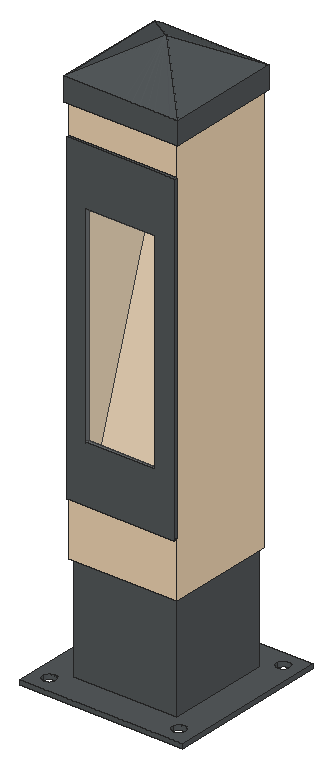
Revit family "Баум", category Осветительные приборы, Revit 2019 (continued)
Types (3, lengths in mm): name | Файл фотометрической сетки | built-in parameter 1150105 | Lumens | built-in parameter 1150106 | built-in parameter 1150142 | Wattage | h_столб низ | h_столб верх | ADSK_Фактическая мощность | ADSK_Размер_Высота | ADSK_Номинальная мощность | ADSK_Наименование | ADSK_Масса_Текст | ADSK_Масса | ADSK_Артикул
    .4 0.4 0.4 0.4 0.4 0.4 0.4 0.4 0.4 0.4 0.4 0.4 0.4 0.4 0.4 0.4\r\n 0.4 0.4 0.4 0.4 0.4 0.4 0.4 0.4 0.4 0.4 0.2 0.2 0.2 0.2 0.2 0.2 0.2 0.0 0.0 0.0 0.0\r\n0.0 0.0 0.0 0.0 0.0 0.0 0.2 0.2 0.4 0.4 0.4 0.4 0.4 0.4 0.4 0.4 0.4 0.4 0.4 0.4 0.4 0.4 0.4 0.4 0.4 0.4 0.4 0.4 0.4 0.4 0.4 0.4\r\n 0.4 0.4 0.4 0.4 0.4 0.4 0.4 0.4 0.4 0.4 0.4 0.4 0.4 0.4 0.4 0.6 0.4 0.4 0.4 0.4 0.4 0.4 0.4 0.4 0.4 0.4 0.4 0.4 0.4 0.4 0.4 0.4\r\n 0.4 0.4 0.4 0.4 0.4 0.4 0.4 0.4 0.4 0.4 0.4 0.4 0.4 0.4 0.4 0.4 0.4 0.4 0.4 0.4 0.4 0.4 0.4 0.4 0.4 0.4 0.4 0.4 0.4 0.4 0.4 0.4\r\n 0.4 0.4 0.4 0.4 0.4 0.4 0.4 0.4 0.4 0.4 0.4 0.4 0.4 0.4 0.4 0.4 0.4 0.4 0.4 0.4 0.4 0.4 0.4 0.4 0.4 0.4 0.4 0.4 0.4 0.4 0.4 0.4\r\n 0.4 0.4 0.4 0.4 0.4 0.4 0.4 0.4 0.4 0.4 0.4 0.4 0.4 0.4 0.4 0.4 0.4 0.4 0.4 0.4 0.4 0.4 0.4 0.4 0.4 0.4 0.4 0.4 0.4 0.4 0.4 0.4\r\n 0.4 0.4 0.4 0.4 0.4 0.4 0.4 0.4 0.4 0.4 0.2 0.2 0.2 0.2 0.2 0.2 0.2 0.0 0.0 0.0 0.0\r\n0.0 0.0 0.0 0.0 0.0 0.0 0.2 0.2 0.4 0.4 0.4 0.4 0.4 0.4 0.4 0.4 0.4 0.4 0.4 0.4 0.4 0.4 0.4 0.4 0.4 0.4 0.4 0.4 0.4 0.4 0.4 0.4\r\n 0.4 0.4 0.4 0.4 0.4 0.4 0.4 0.4 0.4 0.4 0.4 0.4 0.4 0.4 0.4 0.7 0.6 0.4 0.4 0.4 0.4 0.4 0.4 0.4 0.4 0.4 0.4 0.4 0.4 0.4 0.4 0.4\r\n 0.4 0.4 0.4 0.4 0.4 0.4 0.4 0.4 0.4 0.4 0.4 0.4 0.4 0.4 0.4 0.4 0.4 0.4 0.4 0.4 0.4 0.4 0.4 0.4 0.4 0.4 0.4 0.4 0.4 0.4 0.4 0.4\r\n 0.4 0.4 0.4 0.4 0.4 0.4 0.4 0.4 0.4 0.4 0.4 0.4 0.4 0.4 0.4 0.4 0.4 0.4 0.4 0.4 0.4 0.4 0.4 0.4 0.4 0.4 0.4 0.4 0.4 0.4 0.4 0.4\r\n 0.4 0.4 0.4 0.4 0.4 0.4 0.4 0.4 0.4 0.4 0.4 0.4 0.4 0.4 0.4 0.4 0.4 0.4 0.4 0.4 0.4 0.4 0.4 0.4 0.4 0.4 0.4 0.4 0.4 0.4 0.4 0.4\r\n 0.4 0.4 0.4 0.4 0.4 0.4 0.4 0.4 0.4 0.4 0.2 0.2 0.2 0.2 0.2 0.2 0.0 0.0 0.0 0.0 0.0\r\n0.0 0.0 0.0 0.0 0.0 0.0 0.0 0.2 0.4 0.4 0.4 0.4 0.4 0.4 0.4 0.4 0.4 0.4 0.4 0.4 0.4 0.4 0.4 0.4 0.4 0.4 0.4 0.4 0.4 0.4 0.4 0.6\r\n 0.4 0.4 0.4 0.4 0.4 0.4 0.4 0.4 0.4 0.4 0.4 0.4 0.4 0.4 0.4 0.4 0.4 0.4 0.4 0.4 0.4 0.4 0.4 0.4 0.4 0.4 0.4 0.4 0.4 0.4 0.4 0.4\r\n 0.4 0.4 0.4 0.4 0.4 0.4 0.4 0.4 0.4 0.4 0.4 0.4 0.4 0.4 0.4 0.4 0.4 0.4 0.4 0.4 0.4 0.4 0.4 0.4 0.4 0.4 0.4 0.4 0.4 0.4 0.4 0.4\r\n 0.4 0.4 0.4 0.4 0.4 0.4 0.4 0.4 0.4 0.4 0.4 0.4 0.4 0.4 0.4 0.4 0.4 0.4 0.4 0.4 0.4 0.4 0.4 0.4 0.4 0.4 0.4 0.4 0.4 0.4 0.4 0.4\r\n 0.4 0.4 0.4 0.4 0.4 0.4 0.4 0.4 0.4 0.4 0.4 0.4 0.4 0.4 0.4 0.4 0.4 0.4 0.4 0.4 0.4 0.4 0.4 0.4 0.4 0.4 0.4 0.4 0.4 0.4 0.4 0.4\r\n 0.4 0.4 0.4 0.4 0.4 0.4 0.4 0.4 0.4 0.4 0.2 0.2 0.2 0.2 0.2 0.2 0.0 0.0 0.0 0.0 0.0\r\n0.0 0.0 0.0 0.0 0.0 0.0 0.0 0.2 0.4 0.4 0.4 0.4 0.4 0.4 0.4 0.4 0.4 0.4 0.4 0.4 0.4 0.4 0.4 0.4 0.4 0.4 0.4 0.4 0.4 0.4 0.4 0.4\r\n 0.4 0.4 0.4 0.4 0.4 0.4 0.4 0.4 0.4 0.4 0.4 0.4 0.4 0.4 0.4 0.4 0.4 0.4 0.4 0.4 0.4 0.4 0.4 0.4 0.4 0.4 0.4 0.4 0.4 0.4 0.4 0.4\r\n 0.4 0.4 0.4 0.4 0.4 0.4 0.4 0.4 0.4 0.4 0.4 0.4 0.4 0.4 0.4 0.4 0.4 0.4 0.4 0.4 0.4 0.4 0.4 0.4 0.4 0.4 0.4 0.4 0.4 0.4 0.4 0.4\r\n 0.4 0.4 0.4 0.4 0.4 0.4 0.4 0.4 0.4 0.4 0.4 0.4 0.4 0.4 0.4 0.4 0.4 0.4 0.4 0.4 0.4 0.4 0.4 0.4 0.4 0.4 0.4 0.4 0.4 0.4 0.4 0.4\r\n 0.4 0.4 0.4 0.4 0.4 0.4 0.4 0.4 0.4 0.4 0.4 0.4 0.4 0.4 0.4 0.4 0.4 0.4 0.4 0.4 0.4 0.4 0.4 0.4 0.4 0.4 0.4 0.4 0.4 0.4 0.4 0.4\r\n 0.4 0.4 0.4 0.4 0.4 0.4 0.4 0.4 0.4 0.4 0.2 0.2 0.2 0.2 0.2 0.0 0.0 0.0 0.0 0.0 0.0\r\n0.0 0.0 0.0 0.0 0.0 0.0 0.0 0.0 0.2 0.4 0.4 0.4 0.4 0.4 0.4 0.4 0.4 0.4 0.4 0.4 0.4 0.4 0.4 0.4 0.4 0.4 0.4 0.4 0.4 0.4 0.4 0.4\r\n 0.4 0.4 0.4 0.4 0.4 0.4 0.4 0.4 0.4 0.4 0.4 0.4 0.4 0.4 0.4 0.4 0.4 0.4 0.4 0.4 0.4 0.4 0.4 0.4 0.4 0.4 0.4 0.4 0.4 0.4 0.4 0.4\r\n 0.4 0.4 0.4 0.4 0.4 0.4 0.4 0.4 0.4 0.4 0.4 0.4 0.4 0.4 0.4 0.4 0.4 0.4 0.4 0.4 0.4 0.4 0.4 0.4 0.4 0.4 0.4 0.4 0.4 0.4 0.4 0.4\r\n 0.4 0.4 0.4 0.4 0.4 0.4 0.4 0.4 0.4 0.4 0.4 0.4 0.4 0.4 0.4 0.4 0.4 0.4 0.4 0.4 0.4 0.4 0.4 0.4 0.4 0.4 0.4 0.4 0.4 0.4 0.4 0.4\r\n 0.4 0.4 0.4 0.4 0.4 0.4 0.4 0.4 0.4 0.4 0.4 0.4 0.4 0.4 0.4 0.4 0.4 0.4 0.4 0.4 0.4 0.4 0.4 0.4 0.4 0.4 0.4 0.4 0.4 0.4 0.4 0.4\r\n 0.4 0.4 0.4 0.4 0.4 0.4 0.4 0.4 0.4 0.4 0.2 0.2 0.2 0.2 0.0 0.0 0.0 0.0 0.0 0.0 0.0\r\n0.0 0.0 0.0 0.0 0.0 0.0 0.0 0.0 0.2 0.2 0.2 0.4 0.4 0.4 0.4 0.4 0.4 0.4 0.4 0.4 0.4 0.4 0.4 0.4 0.4 0.4 0.4 0.4 0.4 0.4 0.4 0.4\r\n 0.4 0.4 0.4 0.4 0.4 0.4 0.4 0.4 0.4 0.4 0.4 0.4 0.4 0.4 0.4 0.4 0.4 0.4 0.4 0.4 0.4 0.4 0.4 0.4 0.4 0.4 0.4 0.4 0.4 0.4 0.4 0.4\r\n 0.4 0.4 0.4 0.4 0.4 0.4 0.4 0.4 0.4 0.4 0.4 0.4 0.4 0.4 0.4 0.4 0.4 0.4 0.4 0.4 0.4 0.4 0.4 0.4 0.4 0.4 0.4 0.4 0.4 0.4 0.4 0.4\r\n 0.4 0.4 0.4 0.4 0.4 0.4 0.4 0.4 0.4 0.4 0.4 0.4 0.4 0.4 0.4 0.4 0.4 0.4 0.4 0.4 0.4 0.4 0.4 0.4 0.4 0.4 0.4 0.4 0.4 0.4 0.4 0.4\r\n 0.4 0.4 0.4 0.4 0.4 0.4 0.4 0.4 0.4 0.4 0.4 0.4 0.4 0.4 0.4 0.4 0.4 0.4 0.4 0.4 0.4 0.4 0.4 0.4 0.4 0.4 0.4 0.4 0.4 0.4 0.4 0.4\r\n 0.4 0.4 0.4 0.4 0.4 0.4 0.4 0.4 0.4 0.4 0.2 0.2 0.2 0.0 0.0 0.0 0.0 0.0 0.0 0.0 0.0\r\n0.0 0.0 0.0 0.0 0.0 0.0 0.0 0.0 0.2 0.2 0.2 0.2 0.4 0.4 0.4 0.4 0.4 0.4 0.4 0.4 0.4 0.4 0.4 0.4 0.4 0.4 0.4 0.4 0.4 0.4 0.4 0.4\r\n 0.4 0.4 0.4 0.4 0.4 0.4 0.4 0.4 0.4 0.4 0.4 0.4 0.4 0.4 0.4 0.4 0.4 0.4 0.4 0.4 0.4 0.4 0.4 0.4 0.4 0.4 0.4 0.4 0.4 0.4 0.4 0.4\r\n 0.4 0.4 0.4 0.4 0.4 0.4 0.4 0.4 0.4 0.4 0.4 0.4 0.4 0.4 0.4 0.4 0.4 0.4 0.4 0.4 0.4 0.4 0.4 0.4 0.4 0.4 0.4 0.4 0.4 0.4 0.4 0.4\r\n 0.4 0.4 0.4 0.4 0.4 0.4 0.4 0.4 0.4 0.4 0.4 0.4 0.4 0.4 0.4 0.4 0.4 0.4 0.4 0.4 0.4 0.4 0.4 0.4 0.4 0.4 0.4 0.4 0.4 0.4 0.4 0.4\r\n 0.4 0.4 0.4 0.4 0.4 0.4 0.4 0.4 0.4 0.4 0.4 0.4 0.4 0.4 0.4 0.4 0.4 0.4 0.4 0.4 0.4 0.4 0.4 0.4 0.4 0.4 0.4 0.4 0.4 0.4 0.4 0.4\r\n 0.4 0.4 0.4 0.4 0.4 0.4 0.4 0.4 0.4 0.4 0.2 0.2 0.2 0.0 0.0 0.0 0.0 0.0 0.0 0.0 0.0\r\n0.0 0.0 0.0 0.0 0.0 0.0 0.0 0.0 0.2 0.2 0.2 0.2 0.2 0.4 0.4 0.4 0.4 0.4 0.4 0.4 0.4 0.4 0.4 0.4 0.4 0.4 0.4 0.4 0.4 0.4 0.4 0.4\r\n 0.4 0.4 0.4 0.4 0.4 0.4 0.4 0.4 0.4 0.4 0.4 0.4 0.4 0.4 0.4 0.4 0.4 0.4 0.4 0.4 0.4 0.4 0.4 0.4 0.4 0.4 0.4 0.4 0.4 0.4 0.4 0.4\r\n 0.4 0.4 0.4 0.4 0.4 0.4 0.4 0.4 0.4 0.4 0.4 0.4 0.4 0.4 0.4 0.4 0.4 0.4 0.4 0.4 0.4 0.4 0.4 0.4 0.4 0.4 0.4 0.4 0.4 0.4 0.4 0.4\r\n 0.4 0.4 0.4 0.4 0.4 0.4 0.4 0.4 0.4 0.4 0.4 0.4 0.4 0.4 0.4 0.4 0.4 0.4 0.4 0.4 0.4 0.4 0.4 0.4 0.4 0.4 0.4 0.4 0.6 0.9 0.4 0.4\r\n 0.4 0.4 0.4 0.4 0.4 0.4 0.4 0.4 0.4 0.4 0.4 0.4 0.4 0.4 0.4 0.4 0.4 0.4 0.4 0.4 0.4 0.4 0.4 0.4 0.4 0.4 0.4 0.4 0.4 0.4 0.4 0.4\r\n 0.4 0.4 0.4 0.4 0.4 0.4 0.4 0.4 0.4 0.4 0.2 0.2 0.2 0.0 0.0 0.0 0.0 0.0 0.0 0.0 0.0\r\n0.0 0.0 0.0 0.0 0.0 0.0 0.0 0.0 0.2 0.2 0.2 0.2 0.2 0.2 0.4 0.4 0.2 0.4 0.4 0.2 0.2 0.2 0.4 0.4 0.4 0.4 0.4 0.4 0.4 0.4 0.4 0.4\r\n 0.4 0.4 0.4 0.4 0.4 0.4 0.4 0.4 0.4 0.4 0.4 0.4 0.4 0.4 0.4 0.4 0.4 0.4 0.4 0.4 0.4 0.4 0.4 0.4 0.4 0.4 0.4 0.4 0.4 0.4 0.4 0.4\r\n 0.4 0.4 0.4 0.4 0.4 0.4 0.4 0.4 0.4 0.4 0.4 0.4 0.4 0.4 0.4 0.4 0.4 0.4 0.4 0.4 0.4 0.4 0.4 0.4 0.4 0.4 0.4 0.4 0.4 0.4 0.4 0.4\r\n 0.4 0.4 0.4 0.4 0.4 0.4 0.4 0.4 0.4 0.4 0.4 0.4 0.4 0.4 0.4 0.4 0.4 0.4 0.4 0.4 0.4 0.4 0.4 0.4 0.4 0.4 0.4 0.4 0.6 0.4 0.4 0.4\r\n 0.4 0.4 0.4 0.4 0.4 0.4 0.4 0.4 0.4 0.4 0.4 0.4 0.4 0.4 0.4 0.4 0.4 0.4 0.4 0.4 0.4 0.4 0.4 0.4 0.4 0.4 0.4 0.4 0.4 0.4 0.4 0.4\r\n 0.4 0.4 0.4 0.4 0.4 0.4 0.4 0.4 0.4 0.2 0.2 0.2 0.0 0.0 0.0 0.0 0.0 0.0 0.0 0.0 0.0\r\n0.0 0.0 0.0 0.0 0.0 0.0 0.0 0.0 0.2 0.2 0.2 0.2 0.2 0.2 0.2 0.2 0.2 0.2 0.2 0.4 0.2 0.2 0.4 0.2 0.4 0.4 0.4 0.4 0.4 0.4 0.4 0.4\r\n 0.4 0.4 0.4 0.4 0.4 0.4 0.4 0.4 0.4 0.4 0.4 0.4 0.4 0.4 0.4 0.4 0.4 0.4 0.4 0.4 0.4 0.4 0.4 0.4 0.4 0.4 0.4 0.4 0.4 0.4 0.4 0.4\r\n 0.4 0.4 0.4 0.4 0.4 0.4 0.4 0.4 0.4 0.4 0.4 0.4 0.4 0.4 0.4 0.4 0.4 0.4 0.4 0.4 0.4 0.4 0.4 0.4 0.4 0.4 0.4 0.4 0.4 0.4 0.4 0.4\r\n 0.4 0.4 0.4 0.4 0.4 0.4 0.4 0.4 0.4 0.4 0.4 0.4 0.4 0.4 0.4 0.4 0.4 0.4 0.4 0.4 0.4 0.4 0.4 0.4 0.4 0.4 0.4 0.4 0.4 0.4 0.4 0.4\r\n 0.4 0.4 0.4 0.4 0.4 0.4 0.4 0.4 0.4 0.4 0.4 0.4 0.4 0.4 0.4 0.4 0.4 0.4 0.4 0.4 0.4 0.4 0.4 0.4 0.4 0.4 0.4 0.4 0.4 0.4 0.4 0.4\r\n 0.4 0.4 0.4 0.4 0.4 0.4 0.2 0.2 0.2 0.2 0.2 0.2 0.0 0.0 0.0 0.0 0.0 0.0 0.0 0.0 0.0\r\n0.0 0.0 0.0 0.0 0.0 0.0 0.0 0.0 0.2 0.2 0.2 0.2 0.2 0.2 0.2 0.2 0.2 0.2 0.2 0.2 0.2 0.2 0.4 0.4 0.2 0.4 0.4 0.4 0.4 0.4 0.4 0.4\r\n 0.4 0.4 0.4 0.4 0.4 0.4 0.4 0.4 0.4 0.4 0.4 0.4 0.4 0.4 0.4 0.4 0.4 0.4 0.4 0.4 0.4 0.4 0.4 0.4 0.4 0.4 0.4 0.4 0.4 0.4 0.4 0.4\r\n 0.4 0.4 0.4 0.4 0.4 0.4 0.4 0.4 0.4 0.4 0.4 0.4 0.4 0.4 0.4 0.4 0.4 0.4 0.4 0.4 0.4 0.4 0.4 0.4 0.4 0.4 0.4 0.4 0.4 0.4 0.4 0.4\r\n 0.4 0.4 0.4 0.4 0.4 0.4 0.4 0.4 0.4 0.4 0.4 0.4 0.4 0.4 0.4 0.4 0.4 0.4 0.4 0.4 0.4 0.4 0.4 0.4 0.4 0.4 0.4 0.4 0.4 0.4 0.4 0.4\r\n 0.4 0.4 0.4 0.4 0.4 0.4 0.4 0.4 0.4 0.4 0.4 0.4 0.4 0.4 0.4 0.4 0.4 0.4 0.4 0.4 0.4 0.4 0.4 0.4 0.4 0.4 0.4 0.4 0.4 0.4 0.4 0.4\r\n 0.4 0.4 0.4 0.2 0.2 0.2 0.2 0.2 0.2 0.2 0.2 0.2 0.0 0.0 0.0 0.0 0.0 0.0 0.0 0.0 0.0\r\n0.0 0.0 0.0 0.0 0.0 0.0 0.0 0.0 0.2 0.2 0.2 0.2 0.2 0.2 0.2 0.2 0.2 0.2 0.2 0.2 0.2 0.2 0.2 0.2 0.2 0.4 0.4 0.4 0.4 0.4 0.4 0.4\r\n 0.2 0.4 0.4 0.4 0.4 0.2 0.4 0.2 0.4 0.4 0.4 0.4 0.4 0.4 0.4 0.4 0.4 0.4 0.4 0.4 0.4 0.4 0.4 0.4 0.4 0.4 0.4 0.4 0.4 0.4 0.4 0.4\r\n 0.4 0.4 0.4 0.4 0.4 0.4 0.4 0.4 0.4 0.4 0.4 0.4 0.4 0.4 0.4 0.4 0.4 0.4 0.4 0.4 0.4 0.4 0.4 0.4 0.4 0.4 0.4 0.4 0.4 0.4 0.4 0.4\r\n 0.4 0.4 0.4 0.4 0.4 0.4 0.4 0.4 0.4 0.4 0.4 0.4 0.4 0.4 0.4 0.4 0.4 0.4 0.4 0.4 0.4 0.4 0.4 0.4 0.4 0.4 0.4 0.4 0.4 0.4 0.4 0.4\r\n 0.4 0.4 0.4 0.4 0.4 0.4 0.4 0.2 0.4 0.4 0.4 0.2 0.4 0.4 0.4 0.4 0.4 0.4 0.4 0.4 0.4 0.4 0.4 0.4 0.4 0.4 0.4 0.4 0.4 0.4 0.4 0.2\r\n 0.2 0.2 0.2 0.2 0.2 0.2 0.2 0.2 0.2 0.2 0.2 0.0 0.0 0.0 0.0 0.0 0.0 0.0 0.0 0.0 0.0\r\n0.0 0.0 0.0 0.0 0.0 0.0 0.0 0.0 0.2 0.2 0.2 0.2 0.2 0.2 0.2 0.2 0.2 0.2 0.2 0.2 0.2 0.2 0.2 0.2 0.2 0.2 0.2 0.2 0.2 0.2 0.2 0.2\r\n 0.2 0.2 0.4 0.2 0.4 0.4 0.4 0.2 0.4 0.4 0.4 0.4 0.4 0.4 0.4 0.4 0.4 0.4 0.4 0.4 0.4 0.4 0.4 0.4 0.4 0.4 0.4 0.4 0.4 0.4 0.4 0.4\r\n 0.4 0.4 0.4 0.4 0.4 0.4 0.4 0.4 0.4 0.4 0.4 0.4 0.4 0.4 0.4 0.4 0.4 0.4 0.4 0.4 0.4 0.4 0.4 0.4 0.4 0.4 0.4 0.4 0.4 0.4 0.4 0.4\r\n 0.4 0.4 0.4 0.4 0.4 0.4 0.4 0.4 0.4 0.4 0.4 0.4 0.4 0.4 0.4 0.4 0.4 0.4 0.4 0.4 0.4 0.4 0.4 0.4 0.4 0.4 0.4 0.4 0.4 0.4 0.4 0.4\r\n 0.4 0.4 0.4 0.4 0.4 0.4 0.4 0.4 0.4 0.4 0.4 0.4 0.4 0.4 0.4 0.4 0.4 0.4 0.4 0.2 0.2 0.2 0.2 0.2 0.2 0.2 0.2 0.2 0.2 0.2 0.2 0.2\r\n 0.2 0.2 0.2 0.2 0.2 0.2 0.2 0.2 0.2 0.2 0.0 0.0 0.0 0.0 0.0 0.0 0.0 0.0 0.0 0.0 0.0\r\n0.0 0.0 0.0 0.0 0.0 0.0 0.0 0.0 0.2 0.2 0.2 0.2 0.2 0.2 0.2 0.2 0.2 0.2 0.2 0.2 0.2 0.2 0.2 0.2 0.2 0.2 0.2 0.2 0.2 0.2 0.2 0.2\r\n 0.2 0.2 0.2 0.2 0.2 0.2 0.2 0.2 0.2 0.2 0.2 0.2 0.2 0.2 0.2 0.2 0.2 0.2 0.2 0.2 0.2 0.2 0.2 0.2 0.2 0.2 0.2 0.4 0.2 0.2 0.2 0.4\r\n 0.4 0.4 0.4 0.4 0.4 0.4 0.4 0.4 0.4 0.4 0.2 0.4 0.4 0.2 0.4 0.4 0.2 0.4 0.4 0.4 0.4 0.4 0.4 0.4 0.4 0.4 0.4 0.4 0.4 0.4 0.4 0.4\r\n 0.4 0.4 0.4 0.4 0.4 0.4 0.4 0.4 0.2 0.4 0.4 0.4 0.4 0.4 0.4 0.2 0.4 0.4 0.4 0.2 0.4 0.4 0.2 0.2 0.2 0.2 0.4 0.2 0.2 0.4 0.4 0.2\r\n 0.2 0.2 0.2 0.2 0.2 0.2 0.2 0.2 0.2 0.2 0.2 0.2 0.2 0.2 0.2 0.2 0.2 0.2 0.2 0.2 0.2 0.2 0.2 0.2 0.2 0.2 0.2 0.2 0.2 0.2 0.2 0.2\r\n 0.2 0.2 0.2 0.2 0.2 0.2 0.2 0.2 0.2 0.2 0.0 0.0 0.0 0.0 0.0 0.0 0.0 0.0 0.0 0.0 0.0\r\n0.0 0.0 0.0 0.0 0.0 0.0 0.0 0.0 0.2 0.2 0.2 0.2 0.2 0.2 0.2 0.2 0.2 0.2 0.2 0.2 0.2 0.2 0.2 0.2 0.2 0.2 0.2 0.2 0.2 0.2 0.2 0.2\r\n 0.2 0.2 0.2 0.2 0.2 0.2 0.2 0.2 0.2 0.2 0.2 0.2 0.2 0.2 0.2 0.2 0.2 0.2 0.2 0.2 0.2 0.2 0.2 0.2 0.2 0.2 0.2 0.2 0.2 0.2 0.2 0.2\r\n 0.2 0.2 0.2 0.2 0.2 0.2 0.2 0.2 0.2 0.2 0.2 0.2 0.2 0.2 0.2 0.2 0.2 0.2 0.2 0.2 0.2 0.2 0.2 0.2 0.2 0.2 0.2 0.2 0.2 0.2 0.2 0.2\r\n 0.2 0.2 0.2 0.2 0.2 0.2 0.2 0.2 0.2 0.2 0.2 0.2 0.2 0.2 0.2 0.2 0.2 0.2 0.2 0.2 0.2 0.2 0.2 0.2 0.2 0.2 0.2 0.2 0.2 0.2 0.2 0.2\r\n 0.2 0.2 0.2 0.2 0.2 0.2 0.2 0.2 0.2 0.2 0.2 0.2 0.2 0.2 0.2 0.2 0.2 0.2 0.2 0.2 0.2 0.2 0.2 0.2 0.2 0.2 0.2 0.2 0.2 0.2 0.2 0.2\r\n 0.2 0.2 0.2 0.2 0.2 0.2 0.2 0.2 0.2 0.2 0.0 0.0 0.0 0.0 0.0 0.0 0.0 0.0 0.0 0.0 0.0\r\n0.0 0.0 0.0 0.0 0.0 0.0 0.0 0.0 0.2 0.2 0.2 0.2 0.2 0.2 0.2 0.2 0.2 0.2 0.2 0.2 0.2 0.2 0.2 0.2 0.2 0.2 0.2 0.2 0.2 0.2 0.2 0.2\r\n 0.2 0.2 0.2 0.2 0.2 0.2 0.2 0.2 0.2 0.2 0.2 0.2 0.2 0.2 0.2 0.2 0.2 0.2 0.2 0.2 0.2 0.2 0.2 0.2 0.2 0.2 0.2 0.2 0.2 0.2 0.2 0.2\r\n 0.2 0.2 0.2 0.2 0.2 0.2 0.2 0.2 0.2 0.2 0.2 0.2 0.2 0.2 0.2 0.2 0.2 0.2 0.2 0.2 0.2 0.2 0.2 0.2 0.2 0.2 0.2 0.2 0.2 0.2 0.2 0.2\r\n 0.2 0.2 0.2 0.2 0.2 0.2 0.2 0.2 0.2 0.2 0.2 0.2 0.2 0.2 0.2 0.2 0.2 0.2 0.2 0.2 0.2 0.2 0.2 0.2 0.2 0.2 0.2 0.2 0.2 0.2 0.2 0.2\r\n 0.2 0.2 0.2 0.2 0.2 0.2 0.2 0.2 0.2 0.2 0.2 0.2 0.2 0.2 0.2 0.2 0.2 0.2 0.2 0.2 0.2 0.2 0.2 0.2 0.2 0.2 0.2 0.2 0.2 0.2 0.2 0.2\r\n 0.2 0.2 0.2 0.2 0.2 0.2 0.2 0.2 0.2 0.2 0.0 0.0 0.0 0.0 0.0 0.0 0.0 0.0 0.0 0.0 0.0\r\n0.0 0.0 0.0 0.0 0.0 0.0 0.0 0.0 0.2 0.2 0.2 0.2 0.2 0.2 0.2 0.2 0.2 0.2 0.2 0.2 0.2 0.2 0.2 0.2 0.2 0.2 0.2 0.2 0.2 0.2 0.2 0.2\r\n 0.2 0.2 0.2 0.2 0.2 0.2 0.2 0.2 0.2 0.2 0.2 0.2 0.2 0.2 0.2 0.2 0.2 0.2 0.2 0.2 0.2 0.2 0.4 0.4 0.4 0.2 0.2 0.4 0.4 0.4 0.2 0.4\r\n 0.2 0.4 0.4 0.4 0.4 0.4 0.4 0.4 0.4 0.4 0.4 0.4 0.4 0.4 0.4 0.4 0.4 0.4 0.4 0.4 0.4 0.4 0.4 0.4 0.4 0.4 0.4 0.4 0.4 0.4 0.4 0.4\r\n 0.4 0.4 0.4 0.4 0.4 0.4 0.4 0.4 0.4 0.4 0.4 0.4 0.4 0.4 0.4 0.4 0.4 0.4 0.4 0.4 0.4 0.4 0.2 0.2 0.2 0.4 0.2 0.2 0.2 0.2 0.2 0.2\r\n 0.2 0.2 0.2 0.2 0.2 0.2 0.2 0.2 0.2 0.2 0.2 0.2 0.2 0.2 0.2 0.2 0.2 0.2 0.2 0.2 0.2 0.2 0.2 0.2 0.2 0.2 0.2 0.2 0.2 0.2 0.2 0.2\r\n 0.2 0.2 0.2 0.2 0.2 0.2 0.2 0.2 0.2 0.2 0.0 0.0 0.0 0.0 0.0 0.0 0.0 0.0 0.0 0.0 0.0\r\n0.0 0.0 0.0 0.0 0.0 0.0 0.0 0.0 0.2 0.2 0.2 0.2 0.2 0.2 0.2 0.2 0.2 0.2 0.2 0.2 0.2 0.2 0.2 0.2 0.2 0.2 0.2 0.2 0.2 0.2 0.4 0.4\r\n 0.4 0.4 0.4 0.4 0.4 0.4 0.4 0.4 0.4 0.4 0.4 0.4 0.4 0.4 0.4 0.4 0.4 0.4 0.4 0.4 0.4 0.4 0.4 0.4 0.4 0.4 0.4 0.4 0.4 0.4 0.4 0.4\r\n 0.4 0.4 0.4 0.4 0.4 0.4 0.4 0.4 0.4 0.4 0.4 0.4 0.4 0.4 0.4 0.4 0.4 0.4 0.4 0.4 0.4 0.4 0.4 0.4 0.4 0.4 0.4 0.4 0.4 0.4 0.4 0.4\r\n 0.4 0.4 0.4 0.4 0.4 0.4 0.4 0.4 0.4 0.4 0.4 0.4 0.4 0.4 0.4 0.4 0.4 0.4 0.4 0.4 0.4 0.4 0.4 0.4 0.4 0.4 0.4 0.4 0.4 0.4 0.4 0.4\r\n 0.4 0.4 0.4 0.4 0.4 0.4 0.4 0.4 0.4 0.4 0.4 0.4 0.4 0.4 0.4 0.4 0.4 0.4 0.4 0.4 0.4 0.2 0.2 0.2 0.2 0.2 0.2 0.2 0.2 0.2 0.2 0.2\r\n 0.2 0.2 0.2 0.2 0.2 0.2 0.2 0.2 0.2 0.2 0.0 0.0 0.0 0.0 0.0 0.0 0.0 0.0 0.0 0.0 0.0\r\n0.0 0.0 0.0 0.0 0.0 0.0 0.0 0.0 0.2 0.2 0.2 0.2 0.2 0.2 0.2 0.2 0.2 0.2 0.2 0.2 0.2 0.2 0.4 0.4 0.4 0.4 0.4 0.4 0.4 0.4 0.4 0.4\r\n 0.4 0.4 0.4 0.4 0.4 0.4 0.4 0.4 0.4 0.4 0.4 0.4 0.4 0.4 0.4 0.4 0.4 0.4 0.4 0.4 0.4 0.4 0.4 0.4 0.4 0.4 0.4 0.4 0.4 0.4 0.4 0.4\r\n 0.4 0.4 0.4 0.4 0.4 0.4 0.4 0.4 0.4 0.4 0.4 0.4 0.4 0.4 0.4 0.4 0.4 0.4 0.4 0.4 0.4 0.4 0.4 0.4 0.4 0.4 0.4 0.4 0.4 0.4 0.4 0.4\r\n 0.4 0.4 0.4 0.4 0.4 0.4 0.4 0.4 0.4 0.4 0.4 0.4 0.4 0.4 0.4 0.4 0.4 0.4 0.4 0.4 0.4 0.4 0.4 0.4 0.4 0.4 0.4 0.4 0.4 0.4 0.4 0.4\r\n 0.4 0.4 0.4 0.4 0.4 0.4 0.4 0.4 0.4 0.4 0.4 0.4 0.4 0.4 0.4 0.4 0.4 0.4 0.4 0.4 0.4 0.4 0.4 0.4 0.4 0.4 0.2 0.4 0.4 0.2 0.2 0.2\r\n 0.2 0.2 0.2 0.2 0.2 0.2 0.2 0.2 0.2 0.2 0.2 0.0 0.0 0.0 0.0 0.0 0.0 0.0 0.0 0.0 0.0\r\n0.0 0.0 0.0 0.0 0.0 0.0 0.0 0.0 0.2 0.2 0.2 0.2 0.2 0.2 0.2 0.2 0.2 0.4 0.4 0.4 0.4 0.4 0.4 0.4 0.4 0.4 0.4 0.4 0.4 0.4 0.4 0.4\r\n 0.4 0.4 0.4 0.4 0.4 0.4 0.4 0.4 0.4 0.4 0.4 0.4 0.4 0.4 0.4 0.4 0.4 0.4 0.4 0.4 0.4 0.4 0.4 0.4 0.4 0.4 0.4 0.4 0.4 0.4 0.4 0.4\r\n 0.4 0.4 0.4 0.4 0.4 0.4 0.4 0.4 0.4 0.4 0.4 0.4 0.4 0.4 0.4 0.4 0.4 0.4 0.4 0.4 0.4 0.4 0.4 0.4 0.4 0.4 0.4 0.4 0.4 0.4 0.4 0.4\r\n 0.4 0.4 0.4 0.4 0.4 0.4 0.4 0.4 0.4 0.4 0.4 0.4 0.4 0.4 0.4 0.4 0.4 0.4 0.4 0.4 0.4 0.4 0.4 0.4 0.4 0.4 0.4 0.4 0.4 0.4 0.4 0.4\r\n 0.4 0.4 0.4 0.4 0.4 0.4 0.4 0.4 0.4 0.4 0.4 0.4 0.4 0.4 0.4 0.4 0.4 0.4 0.4 0.4 0.4 0.4 0.4 0.4 0.4 0.4 0.4 0.4 0.4 0.4 0.4 0.4\r\n 0.2 0.2 0.2 0.2 0.2 0.2 0.2 0.2 0.2 0.2 0.2 0.0 0.0 0.0 0.0 0.0 0.0 0.0 0.0 0.0 0.0\r\n0.0 0.0 0.0 0.0 0.0 0.0 0.0 0.0 0.2 0.2 0.2 0.2 0.2 0.2 0.4 0.4 0.4 0.4 0.4 0.4 0.4 0.4 0.4 0.4 0.4 0.4 0.4 0.4 0.4 0.4 0.4 0.4\r\n 0.4 0.4 0.4 0.4 0.4 0.4 0.4 0.4 0.4 0.4 0.4 0.4 0.4 0.4 0.4 0.4 0.4 0.4 0.4 0.4 0.4 0.4 0.4 0.4 0.4 0.4 0.4 0.4 0.4 0.4 0.4 0.4\r\n 0.4 0.4 0.4 0.4 0.4 0.4 0.4 0.4 0.4 0.4 0.4 0.4 0.4 0.4 0.4 0.4 0.4 0.4 0.4 0.4 0.4 0.4 0.4 0.4 0.4 0.4 0.4 0.4 0.4 0.4 0.4 0.4\r\n 0.4 0.4 0.4 0.4 0.4 0.4 0.4 0.4 0.4 0.4 0.4 0.4 0.4 0.4 0.4 0.4 0.4 0.4 0.4 0.4 0.4 0.4 0.4 0.4 0.4 0.4 0.4 0.4 0.4 0.4 0.4 0.4\r\n 0.4 0.4 0.4 0.4 0.4 0.4 0.4 0.4 0.4 0.4 0.4 0.4 0.4 0.4 0.4 0.4 0.4 0.4 0.4 0.4 0.4 0.4 0.4 0.4 0.4 0.4 0.4 0.4 0.4 0.4 0.4 0.4\r\n 0.4 0.4 0.4 0.2 0.2 0.2 0.2 0.2 0.2 0.2 0.2 0.0 0.0 0.0 0.0 0.0 0.0 0.0 0.0 0.0 0.0\r\n0.0 0.0 0.0 0.0 0.0 0.0 0.0 0.0 0.2 0.2 0.2 0.4 0.4 0.4 0.4 0.4 0.4 0.4 0.4 0.4 0.4 0.4 0.4 0.4 0.4 0.4 0.4 0.4 0.4 0.4 0.4 0.4\r\n 0.4 0.4 0.4 0.4 0.4 0.4 0.4 0.4 0.4 0.4 0.4 0.4 0.4 0.4 0.4 0.4 0.4 0.4 0.4 0.4 0.4 0.4 0.4 0.4 0.4 0.4 0.4 0.4 0.4 0.4 0.4 0.4\r\n 0.4 0.4 0.4 0.4 0.4 0.4 0.4 0.4 0.4 0.4 0.4 0.4 0.4 0.4 0.4 0.4 0.4 0.4 0.4 0.4 0.4 0.4 0.4 0.4 0.4 0.4 0.4 0.4 0.4 0.4 0.4 0.4\r\n 0.4 0.4 0.4 0.4 0.4 0.4 0
